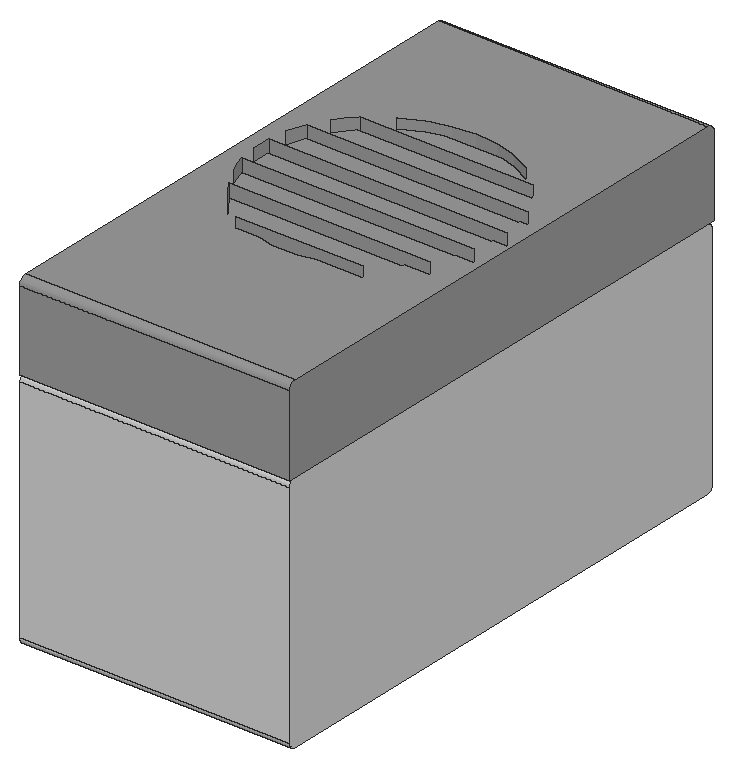
Revit family "Domotics-DomesticRanges-GEWISS-SYSTEM_SIGNALLING-BUZZER", category Apparecchi elettrici, host Superficie, Revit 2016
Family settings
  Host = Superficie
  Mantenere orientamento annotazione = Sì
  Tipo di parte = Normale
  Quota connettore circolare = Usa diametro
  Numero OmniClass = 23.80.50.11.14
  Titolo OmniClass = Switches
  Taglio con vuoti quando caricato = Sì
  Condiviso = Sì
  Punto di calcolo locali = Sì
Parameters (values of type "GW21620 - Buzzer 230V-50hz 8VA black")
  Voltage = "230 V - 50 Hz"
  Volt = 230 V
  Vista di pianta [instance] = yes
  Version file RFA = "19.4"
  URL = "https://www.gewiss.com/ww/en"
  Tipo = SYSTEM SEGNAL ACUSTICA_BASE : GW21620 - Nero - Ronzatore - 230V
  Technical sheet = "https://www.gewiss.com/ww/en/search?q=GW21620"
  Supply voltage = "230 V - 50 Hz"
  Sound intensity = "75 dB (at 1 m)"
  Simbolo = SIMBOLO SEGNAL ACUSTICA : RONZATORE
  SIMBOLO [instance] = yes
  SEO = "Buzzer"
  Realized by GEWISS S.p.A. = ""
  Produttore = "GEWISS S.p.A."
  Power input = "8VA"
  Offset pulsante [instance] = 0 mm
  Offset bidimensionale [instance] = 39 mm
  No. SYSTEM modules = "1"
  N. poli = 1
  Modello = "GW21620"
  Larghezza pulsante = 23 mm
  IFC.TypeObject = ""
  IFC.ExportType = ""
  IFC.ExportAs = ""
  IDT = "e742e08a-28ab-46fd-bce7-8d2241ef58ca"
  IDF = "9a98c68e-3d17-41c1-8a24-6a22314938d6"
  Electrocod = "0132"
  EAN code = "8011564129542"
  Distanza_x [instance] = 0 mm
  Distanza_effettiva_y [instance] = 100 mm
  Distanza_effettiva_x [instance] = 1500 mm - Distanza_x  # 1500 mm
  Distanza orizzontale simbolo [instance] = 231.658 mm
  Distanza dal muro [instance] = 4.208 mm
  Default Elevation = 1219.2 mm
  Immagine tipo = GW21620.jpg
  Descrizione = "BUZZER 230V-50HZ 8VA SY/BK"
  Description. = "Buzzer"
  Colour = "Black"
  Catalogue Range = "SYSTEM - DOMESTIC RANGE"
  Catalogue = "DOMOTICS"
  Carico apparente = 0 VA
  COBie.Tagnumber = ""
  COBie.CreatedOn = ""
  COBie.CreatebBy = ""
  COBie.ComponentRegisterItemID = ""
  COBie.Component.TagNumber = ""
  COBie.Component.Space = ""
  COBie.Component.SerialNumber = ""
  COBie.Component.InstallationDate = ""
  COBie.Component.Description = ""
  COBie.Component.BarCode = ""
  Bidimensionale = bidimensionale system segnal acustica : RONZATORE
Reference planes
  plane 1 "Centro (Fronte/Retro)": y = 0
  plane 2: z = 0
  plane 3 "Centro (Sinistra/Destra)": x = 0
  plane 4: z = 0
  plane 5 "piano bidimensionale": z = 39
  plane 6: x = -11.5
  plane 7: x = 11.5
  plane 8: z = 39
  plane 9: x = -1500
  plane 10: x = 0
  plane 11: y = 100
Lines and regions (mm)
  Masking region 1, visible <- "Vista di pianta"
    outline origin (0, 0, 0) x (1, 0, 0) y (0, 0, 1)
      loop
        line (-11.5, 39) -> (-11.5, 0) -> (11.5, 0) -> (11.5, 39) -> (-11.5, 39)
  Masking region 2, visible <- "Vista di pianta"
    outline origin (0, 0, 0) x (1, 0, 0) y (0, 1, 0)
      loop
        line (-11.5, 22.5) -> (-11.5, -22.5) -> (11.5, -22.5) -> (11.5, 22.5) -> (-11.5, 22.5)
      loop
        arc (10.335, -9.405) -> (10.204, -8.394) -> (9.963, -7.405) r 9.264
        line (9.963, -7.405) -> (-9.963, -7.405)
        arc (-9.963, -7.405) -> (-10.204, -8.394) -> (-10.335, -9.405) r 9.264
        line (-10.335, -9.405) -> (10.335, -9.405)
      loop
        arc (9.125, -5.405) -> (8.47, -4.362) -> (7.698, -3.405) r 10.405
        line (7.698, -3.405) -> (-7.698, -3.405)
        arc (-7.698, -3.405) -> (-8.47, -4.362) -> (-9.125, -5.405) r 10.405
        line (-9.125, -5.405) -> (9.125, -5.405)
      loop
        arc (5.221, -1.405) -> (0, 0) -> (-5.221, -1.405) r 10.405
        line (-5.221, -1.405) -> (5.221, -1.405)
      loop
        line (10.335, -11.405) -> (-10.335, -11.405)
        arc (-10.335, -11.405) -> (-10.204, -12.415) -> (-9.963, -13.405) r 9.264
        line (-9.963, -13.405) -> (9.963, -13.405)
        arc (9.963, -13.405) -> (10.204, -12.415) -> (10.335, -11.405) r 9.264
      loop
        line (9.125, -15.405) -> (-9.125, -15.405)
        arc (-9.125, -15.405) -> (-8.47, -16.447) -> (-7.698, -17.405) r 10.405
        line (-7.698, -17.405) -> (7.698, -17.405)
        arc (7.698, -17.405) -> (8.47, -16.447) -> (9.125, -15.405) r 10.405
      loop
        line (5.221, -19.405) -> (-5.221, -19.405)
        arc (-5.221, -19.405) -> (0, -20.809) -> (5.221, -19.405) r 10.405
  Masking region 3, visible <- "Vista di pianta"
    outline origin (0, 0, 0) x (0, 1, 0) y (0, 0, 1)
      loop
        line (-22.5, 36.414) -> (-22.5, 0) -> (22.5, 0) -> (22.5, 36.414) -> (-22.5, 36.414)
Dimensions and locks
  "Offset pulsante": plane 4 to host face
  equal spacing: plane 6, plane 3 "Centro (Sinistra/Destra)", plane 7
  "Larghezza pulsante": plane 6 to plane 7
  locked: plane 8 to plane 4 at 39
  plane 9 to plane 3 "Centro (Sinistra/Destra)" = 1500 mm
  "Distanza_effettiva_x": plane 9 to plane 10
  "Distanza_effettiva_y": plane 11 to plane 1 "Centro (Fronte/Retro)"
  "Offset bidimensionale": plane 5 "piano bidimensionale" to host face
  aligned and locked: plane 2 to host face
  aligned and locked: level to host face
  aligned and locked: plane 1 "Centro (Fronte/Retro)" to nested 1
  aligned and locked: nested 1 to plane 4
  aligned and locked: plane 8 to Masking region 1 sketch curve
  aligned and locked: plane 6 to Masking region 1 sketch curve
  aligned and locked: plane 4 to Masking region 1 sketch curve
  aligned and locked: Masking region 1 sketch curve to nested 1
  aligned and locked: plane 10 to nested 3
  aligned and locked: nested 3 to plane 11
  aligned and locked: Masking region 2 sketch curve to nested 1  (x3)
  aligned and locked: plane 6 to Masking region 2 sketch curve
  aligned and locked: Masking region 3 sketch curve to nested 1  (x3)
  aligned and locked: plane 4 to Masking region 3 sketch curve
Automatic sketch dimensions
  host sketch curve to host sketch curve = 2438.4 mm  (x2)
  Masking region 2 sketch curve to Masking region 2 sketch curve = 0 mm  (x27)
  Masking region 2 sketch curve to plane 3 "Centro (Sinistra/Destra)" = 0 mm
  plane 6 to Masking region 2 sketch curve = 1.165 mm  (x2)
  plane 6 to Masking region 2 sketch curve = 1.537 mm  (x2)
  Masking region 2 sketch curve to Masking region 2 sketch curve = 0.838 mm  (x2)
  Masking region 2 sketch curve to Masking region 2 sketch curve = 1.427 mm  (x2)
  plane 1 "Centro (Fronte/Retro)" to Masking region 2 sketch curve = 1.405 mm
  Masking region 2 sketch curve to Masking region 2 sketch curve = 2.477 mm  (x4)
  Masking region 2 sketch curve to plane 3 "Centro (Sinistra/Destra)" = 1.097 mm
  plane 3 "Centro (Sinistra/Destra)" to Masking region 2 sketch curve = 1.097 mm
  Masking region 2 sketch curve to plane 7 = 1.537 mm  (x2)
  Masking region 2 sketch curve to plane 7 = 1.165 mm  (x2)
  Masking region 2 sketch curve to Masking region 2 sketch curve = 3.095 mm
  Masking region 2 sketch curve to Masking region 2 sketch curve = 2 mm  (x6)
  Masking region 2 sketch curve to Masking region 2 sketch curve = 0.627 mm
Nested families
  nested 1: "SYSTEM SEGNAL ACUSTICA_BASE" at (0, 0, 0), type <- "Tipo", type "GW21620 - Nero - Ronzatore - 230V", detail levels medium+fine
  nested 2: "bidimensionale system segnal acustica" at (0, 0, 29), type <- "Bidimensionale", type "RONZATORE", detail levels coarse
  nested 3: "SIMBOLO SEGNAL ACUSTICA" at (0, 100, 0), Distanza dal muro <- "Distanza dal muro", type <- "Simbolo", SIMBOLO <- "SIMBOLO", visible <- "SIMBOLO", type "RONZATORE"
    with Distanza dal muro 4.208 mm, BORDO ACCESO yes
Connectors
  electrical at (0, 0, 0), driven by "N. poli", driven by "Volt", driven by "Carico apparente"
    settings: on nested 1, index 1, voltage 230 V, apparent load 0 VA, apparent load phase1 0 VA, apparent load phase2 0 VA, apparent load phase3 0 VA, power factor 1, load classification "Other", number of poles 1, system type 31, power factor state 1, is connector primary yes, connector utility no, sub classification motor no, connector description ""
Definition of nested family "SYSTEM SEGNAL ACUSTICA_BASE"
  Parameters (values of type "GW21620 - Nero - Ronzatore - 230V")
    Vetrino = none
    Supporto = none
    Struttura = none
    SUONERIA = no
    RONZATORE = yes
    Pulsante = none
    Profondità suporto = 15.673 mm
    Larghezza pulsante = 23 mm  # constant formula
    Bidimensionale = 36.414 mm
    Altezza pulsante = 45 mm
  Types (8, lengths in mm): name | SUONERIA | RONZATORE
    GW21613 - Nero - Suoneria - 12V | yes | no
    GW20613 - Bianco - Suoneria - 12V | yes | no
    GW20616 - Bianco - Suoneria - 230V | yes | no
    GW20617 - Bianco - Ronzatore - 12V | no | yes
    GW20620 - Bianco - Ronzatore - 230V | no | yes
    GW21616 - Nero - Suoneria - 230V | yes | no
    GW21617 - Nero - Ronzatore - 12V | no | yes
    GW21620 - Nero - Ronzatore - 230V | no | yes
  Reference planes
    plane 1 "Centro (Fronte/Retro)": y = 0
    plane 2: z = 0
    plane 3 "Centro (Sinistra/Destra)": x = 0
    plane 4: y = -22.5
    plane 5: y = 22.5
    plane 6: x = -11.5
    plane 7: x = 11.5
    plane 8 "PIANO BIDIMENSIONALE": z = 36.414
    plane 9: x = -9.5
    plane 10: x = 9.5
  Forms (mm)
    Extrusion 1, solid, material <- "Pulsante", not visible, detail levels medium+fine
      sketch origin (11.5, 0, 0) x (0, 1, 0) y (0, 0, 1)
        loop
          line (-22.5, 15.673) -> (-5.8, 15.673) -> (0, 20.313) -> (6.657, 17.02) -> (22.519, 20.482) -> (22.148, 22.183)
          arc (22.148, 22.183) -> (19.948, 25.458) -> (16.125, 26.433) r 5.53
          arc (16.125, 26.433) -> (-1.159, 25.53) -> (-18.194, 22.47) r 137.99
          arc (-18.194, 22.47) -> (-21.286, 20.607) -> (-22.5, 17.207) r 5.368
          line (-22.5, 17.207) -> (-22.5, 15.673)
      from -23 to 23
    Extrusion 2, void, not visible, detail levels medium+fine
      sketch origin (11.5, 0, 0) x (0, 1, 0) y (0, 0, 1)
        loop
          arc (-20, 19.947) -> (-16.844, 20.738) -> (-13.67, 21.455) r 135.99
          line (-13.67, 21.455) -> (-13.67, 23.499)
          arc (-13.67, 23.499) -> (-15.936, 23.003) -> (-18.194, 22.47) r 137.99
          arc (-18.194, 22.47) -> (-19.13, 22.19) -> (-20, 21.745) r 5.368
          line (-20, 21.745) -> (-20, 19.947)
      from 15.279 to 21.613
    Extrusion 3, solid, material <- "Pulsante", not visible, detail levels medium+fine
      sketch origin (0, -125, 0) x (0, 1, 0) y (0, 0, 1)
        loop
          line (-22.5, 15.673) -> (-5.8, 15.673) -> (0, 20.313) -> (6.657, 17.02) -> (22.519, 20.482) -> (22.148, 22.183)
          arc (22.148, 22.183) -> (19.948, 25.458) -> (16.125, 26.433) r 5.53
          arc (16.125, 26.433) -> (-1.159, 25.53) -> (-18.194, 22.47) r 137.99
          arc (-18.194, 22.47) -> (-21.286, 20.607) -> (-22.5, 17.207) r 5.368
          line (-22.5, 17.207) -> (-22.5, 15.673)
      from -23 to 23
    Extrusion 4, void, not visible
      sketch origin (0, -125, 0) x (0, 1, 0) y (0, 0, 1)
        loop
          arc (-6.8, 24.76) -> (-12.521, 23.735) -> (-18.194, 22.47) r 137.99
          arc (-18.194, 22.47) -> (-19.13, 22.19) -> (-20, 21.745) r 5.368
          line (-20, 21.745) -> (-20, 19.947)
          arc (-20, 19.947) -> (-13.435, 21.505) -> (-6.8, 22.735) r 135.99
          line (-6.8, 22.735) -> (-6.8, 24.76)
      from 16.9 to 19.6
    Extrusion 5, solid, material <- "Vetrino", not visible, detail levels medium+fine
      sketch origin (11.5, -125, 0) x (0, 1, 0) y (0, 0, 1)
        loop
          arc (-20, 19.947) -> (-13.435, 21.505) -> (-6.8, 22.735) r 135.99
          line (-6.8, 22.735) -> (-6.8, 23.748)
          arc (-6.8, 23.748) -> (-13.434, 22.527) -> (-20, 20.98) r 136.99
          line (-20, 20.98) -> (-20, 19.947)
      from 5.4 to 8.1
    Extrusion 6, solid, material <- "Struttura", detail levels medium+fine
      sketch origin (0, 0, 0) x (0, 1, 0) y (0, 0, 1)
        loop
          line (22.5, 0.5) -> (22.5, 20.092)
          arc (22.5, 20.092) -> (22.354, 20.446) -> (22, 20.592) r 0.5
          line (22, 20.592) -> (-22, 20.592)
          arc (-22, 20.592) -> (-22.354, 20.446) -> (-22.5, 20.092) r 0.5
          line (-22.5, 20.092) -> (-22.5, 0.5)
          arc (-22.5, 0.5) -> (-22.354, 0.146) -> (-22, 0) r 0.5
          line (-22, 0) -> (22, 0)
          arc (22, 0) -> (22.354, 0.146) -> (22.5, 0.5) r 0.5
      from -11.5 to 11.5
    Extrusion 7, solid, material <- "Pulsante", visible <- "RONZATORE", detail levels medium+fine
      sketch origin (0, 0, -5.384) x (0, 1, 0) y (0, 0, 1)
        loop
          line (-22.526, 32.849) -> (-22.526, 25.994) -> (22.692, 25.994) -> (22.692, 32.862)
          arc (22.692, 32.862) -> (22.515, 33.288) -> (22.089, 33.464) r 0.602
          arc (22.089, 33.464) -> (0.089, 34.464) -> (-21.911, 33.464) r 242.438
          arc (-21.911, 33.464) -> (-22.345, 33.284) -> (-22.526, 32.849) r 0.615
      from -11.5 to 11.5
    Extrusion 8, solid, material <- "Pulsante", not visible, detail levels medium+fine
      sketch origin (0, 3.352, 0.18) x (0, 0.99373, 0.11181) y (0, -0.11181, 0.99373)
        loop
          line (-22.5, 37.221) -> (-22.5, 28.721) -> (-3, 28.721) -> (-1.5, 27.721) -> (1.5, 27.721) -> (3, 28.721) -> (22.5, 28.721) -> (22.5, 37.221)
          arc (22.5, 37.221) -> (22.354, 37.575) -> (22, 37.721) r 0.5
          arc (22, 37.721) -> (0, 38.721) -> (-22, 37.721) r 242.438
          arc (-22, 37.721) -> (-22.354, 37.575) -> (-22.5, 37.221) r 0.5
      from -11.5 to 11.5
    Revolve 9, void, not visible
      sketch origin (0, 7.087, 0.872) x (0, 0.99373, 0.11181) y (0, -0.11181, 0.99373)
        loop
          line (-18.87, 36.988) -> (-18.92, 38.078) -> (-22.509, 37.915) -> (-21.741, 36.858) -> (-18.87, 36.988)
        axis (-18.92, 38.078) -> (-18.87, 36.988)
      angle from 0 to 360
    Revolve 10, void, not visible
      sketch origin (0, -0.724, -0.007) x (0, -0.99373, -0.11181) y (0, -0.11181, 0.99373)
        loop
          line (-18.886, 37.331) -> (-18.926, 38.2) -> (-22.595, 38.033) -> (-21.983, 37.19) -> (-18.886, 37.331)
        axis (-18.926, 38.2) -> (-18.88, 37.201)
      angle from 0 to 360
    Revolve 11, solid, not visible, detail levels medium+fine
      sketch origin (0, 3.21, 0.18) x (0, 0.99373, 0.11181) y (0, -0.11181, 0.99373)
        loop
          line (-14.94, 37.243) -> (-14.976, 38.037) -> (-18.371, 37.883) -> (-17.811, 37.112) -> (-14.94, 37.243)
        axis (-14.976, 38.037) -> (-14.931, 37.038)
      angle from 0 to 360
    Extrusion 12, void, detail levels medium+fine
      sketch origin (0.938, 0.33, 27.114) x (-1, 0, 0) y (0, -1, 0)
        loop
          line (5.479, -8.635) -> (-5.479, -8.635)
          arc (-5.479, -8.635) -> (0, -10.23) -> (5.479, -8.635) r 10.208
        loop
          arc (7.371, -7.079) -> (8.027, -6.321) -> (8.604, -5.501) r 10.187
          line (8.604, -5.501) -> (-8.604, -5.501)
          arc (-8.604, -5.501) -> (-8.027, -6.321) -> (-7.371, -7.079) r 10.187
          line (-7.371, -7.079) -> (7.371, -7.079)
        loop
          arc (9.42, -3.925) -> (9.704, -3.149) -> (9.923, -2.352) r 10.187
          line (9.923, -2.352) -> (-9.923, -2.352)
          arc (-9.923, -2.352) -> (-9.704, -3.149) -> (-9.42, -3.925) r 10.187
          line (-9.42, -3.925) -> (9.42, -3.925)
        loop
          arc (10.161, -0.783) -> (10.187, 0) -> (10.154, 0.782) r 10.187
          line (10.154, 0.782) -> (-10.154, 0.782)
          arc (-10.154, 0.782) -> (-10.187, 0) -> (-10.161, -0.783) r 10.187
          line (-10.161, -0.783) -> (10.161, -0.783)
        loop
          arc (9.903, 2.343) -> (9.679, 3.132) -> (9.391, 3.901) r 10.187
          line (9.391, 3.901) -> (-9.391, 3.901)
          arc (-9.391, 3.901) -> (-9.679, 3.132) -> (-9.903, 2.343) r 10.187
          line (-9.903, 2.343) -> (9.903, 2.343)
        loop
          arc (8.571, 5.459) -> (7.993, 6.269) -> (7.339, 7.018) r 10.187
          line (7.339, 7.018) -> (-7.339, 7.018)
          arc (-7.339, 7.018) -> (-7.993, 6.269) -> (-8.571, 5.459) r 10.187
          line (-8.571, 5.459) -> (8.571, 5.459)
        loop
          arc (5.421, 8.578) -> (0, 10.14) -> (-5.421, 8.578) r 10.187
          line (-5.421, 8.578) -> (5.421, 8.578)
      from 0 to 2.871
    Extrusion 13, solid, material <- "Pulsante", visible <- "SUONERIA", detail levels medium+fine
      sketch origin (0, 0, -5.384) x (0, 1, 0) y (0, 0, 1)
        loop
          line (-22.436, 32.939) -> (-22.436, 25.994) -> (22.564, 25.994) -> (22.564, 32.939)
          arc (22.564, 32.939) -> (22.417, 33.292) -> (22.064, 33.439) r 0.5
          arc (22.064, 33.439) -> (0.064, 34.439) -> (-21.936, 33.439) r 242.438
          arc (-21.936, 33.439) -> (-22.29, 33.292) -> (-22.436, 32.939) r 0.5
      from -11.5 to 11.5
    Extrusion 14, void, detail levels medium+fine
      sketch origin (0.938, 0.33, 27.114) x (-1, 0, 0) y (0, -1, 0)
        loop
          line (5.479, 0.74) -> (-5.479, 0.74)
          arc (-5.479, 0.74) -> (0, -0.855) -> (5.479, 0.74) r 10.208
        loop
          arc (7.371, 2.296) -> (8.027, 3.054) -> (8.604, 3.874) r 10.187
          line (8.604, 3.874) -> (-8.604, 3.874)
          arc (-8.604, 3.874) -> (-8.027, 3.054) -> (-7.371, 2.296) r 10.187
          line (-7.371, 2.296) -> (7.371, 2.296)
        loop
          arc (9.42, 5.45) -> (9.704, 6.226) -> (9.923, 7.023) r 10.187
          line (9.923, 7.023) -> (-9.923, 7.023)
          arc (-9.923, 7.023) -> (-9.704, 6.226) -> (-9.42, 5.45) r 10.187
          line (-9.42, 5.45) -> (9.42, 5.45)
        loop
          arc (10.161, 8.592) -> (10.187, 9.375) -> (10.154, 10.157) r 10.187
          line (10.154, 10.157) -> (-10.154, 10.157)
          arc (-10.154, 10.157) -> (-10.187, 9.375) -> (-10.161, 8.592) r 10.187
          line (-10.161, 8.592) -> (10.161, 8.592)
        loop
          arc (9.903, 11.718) -> (9.679, 12.507) -> (9.391, 13.276) r 10.187
          line (9.391, 13.276) -> (-9.391, 13.276)
          arc (-9.391, 13.276) -> (-9.679, 12.507) -> (-9.903, 11.718) r 10.187
          line (-9.903, 11.718) -> (9.903, 11.718)
        loop
          arc (8.571, 14.834) -> (7.993, 15.644) -> (7.339, 16.393) r 10.187
          line (7.339, 16.393) -> (-7.339, 16.393)
          arc (-7.339, 16.393) -> (-7.993, 15.644) -> (-8.571, 14.834) r 10.187
          line (-8.571, 14.834) -> (8.571, 14.834)
        loop
          arc (5.421, 17.953) -> (0, 19.515) -> (-5.421, 17.953) r 10.187
          line (-5.421, 17.953) -> (5.421, 17.953)
      from 0 to 2.871
  Cuts and joins
    Extrusion 12 cuts Extrusion 7
    Extrusion 14 cuts Extrusion 13
  Lines and regions (mm)
    Masking region 1, not visible
      outline origin (40.306, 0, 36.414) x (-1, 0, 0) y (0, -1, 0)
        loop
          line (63.306, -22.5) -> (63.306, 22.5) -> (17.306, 22.5) -> (17.306, -22.5) -> (63.306, -22.5)
        loop
          line (23.406, 6.8) -> (23.406, 20) -> (20.706, 20) -> (20.706, 6.8) -> (23.406, 6.8)
    Masking region 2, not visible
      outline origin (40.306, 0, 36.414) x (-1, 0, 0) y (0, -1, 0)
        loop
          line (23.406, 6.8) -> (23.406, 20) -> (20.706, 20) -> (20.706, 6.8) -> (23.406, 6.8)
    Masking region 3, not visible
      outline origin (0, 0, 36.414) x (-1, 0, 0) y (0, -1, 0)
        loop
          line (63.306, -22.5) -> (63.306, 22.5) -> (17.306, 22.5) -> (17.306, -22.5) -> (63.306, -22.5)
        loop
          line (25.028, 13.67) -> (25.028, 20) -> (18.693, 20) -> (18.693, 13.67) -> (25.028, 13.67)
    Masking region 4, not visible
      outline origin (11.5, 0, 36.414) x (-1, 0, 0) y (0, -1, 0)
        loop
          line (36.528, 13.67) -> (36.528, 20.004) -> (30.193, 20.004) -> (30.193, 13.67) -> (36.528, 13.67)
    Masking region 5, visible <- "RONZATORE"
      outline origin (0, 0, 36.414) x (-1, 0, 0) y (0, -1, 0)
        loop
          line (11.5, -22.5) -> (11.5, 22.5) -> (-11.5, 22.5) -> (-11.5, -22.5) -> (11.5, -22.5)
        loop
          line (5.479, -8.635) -> (-5.479, -8.635)
          spline (-5.479, -8.635) -> (-4.642, -9.113) -> (-3.765, -9.51) -> (-2.853, -9.823) -> (-1.916, -10.048) -> (-0.962, -10.184) -> (0, -10.23) -> (0.962, -10.184) -> (1.916, -10.048) -> (2.853, -9.823) -> (3.765, -9.51) -> (4.642, -9.113) -> (5.479, -8.635)
        loop
          arc (7.371, -7.079) -> (8.027, -6.321) -> (8.604, -5.501) r 10.187
          line (8.604, -5.501) -> (-8.604, -5.501)
          arc (-8.604, -5.501) -> (-8.027, -6.321) -> (-7.371, -7.079) r 10.187
          line (-7.371, -7.079) -> (7.371, -7.079)
        loop
          arc (9.42, -3.925) -> (9.704, -3.149) -> (9.923, -2.352) r 10.187
          line (9.923, -2.352) -> (-9.923, -2.352)
          arc (-9.923, -2.352) -> (-9.704, -3.149) -> (-9.42, -3.925) r 10.187
          line (-9.42, -3.925) -> (9.42, -3.925)
        loop
          arc (10.161, -0.783) -> (10.187, 0) -> (10.154, 0.782) r 10.187
          line (10.154, 0.782) -> (-10.154, 0.782)
          arc (-10.154, 0.782) -> (-10.187, 0) -> (-10.161, -0.783) r 10.187
          line (-10.161, -0.783) -> (10.161, -0.783)
        loop
          arc (9.903, 2.343) -> (9.679, 3.132) -> (9.391, 3.901) r 10.187
          line (9.391, 3.901) -> (-9.391, 3.901)
          arc (-9.391, 3.901) -> (-9.679, 3.132) -> (-9.903, 2.343) r 10.187
          line (-9.903, 2.343) -> (9.903, 2.343)
        loop
          arc (8.571, 5.459) -> (7.993, 6.269) -> (7.339, 7.018) r 10.187
          line (7.339, 7.018) -> (-7.339, 7.018)
          arc (-7.339, 7.018) -> (-7.993, 6.269) -> (-8.571, 5.459) r 10.187
          line (-8.571, 5.459) -> (8.571, 5.459)
        loop
          spline (5.421, 8.578) -> (4.592, 9.047) -> (3.723, 9.436) -> (2.821, 9.742) -> (1.894, 9.963) -> (0.951, 10.096) -> (0, 10.14) -> (-0.951, 10.096) -> (-1.894, 9.963) -> (-2.821, 9.742) -> (-3.723, 9.436) -> (-4.592, 9.047) -> (-5.421, 8.578)
          line (-5.421, 8.578) -> (5.421, 8.578)
    Masking region 6, visible <- "RONZATORE"
      outline origin (0, 0, 36.414) x (-1, 0, 0) y (0, -1, 0)
        loop
          line (5.479, -8.635) -> (-5.479, -8.635)
          arc (-5.479, -8.635) -> (0, -10.23) -> (5.479, -8.635) r 10.207
        loop
          arc (7.371, -7.079) -> (8.027, -6.321) -> (8.604, -5.501) r 10.187
          line (8.604, -5.501) -> (-8.604, -5.501)
          arc (-8.604, -5.501) -> (-8.027, -6.321) -> (-7.371, -7.079) r 10.187
          line (-7.371, -7.079) -> (7.371, -7.079)
        loop
          arc (9.42, -3.925) -> (9.704, -3.149) -> (9.923, -2.352) r 10.187
          line (9.923, -2.352) -> (-9.923, -2.352)
          arc (-9.923, -2.352) -> (-9.704, -3.149) -> (-9.42, -3.925) r 10.187
          line (-9.42, -3.925) -> (9.42, -3.925)
        loop
          arc (10.161, -0.783) -> (10.187, 0) -> (10.154, 0.782) r 10.187
          line (10.154, 0.782) -> (-10.154, 0.782)
          arc (-10.154, 0.782) -> (-10.187, 0) -> (-10.161, -0.783) r 10.187
          line (-10.161, -0.783) -> (10.161, -0.783)
        loop
          arc (9.903, 2.343) -> (9.679, 3.132) -> (9.391, 3.901) r 10.187
          line (9.391, 3.901) -> (-9.391, 3.901)
          arc (-9.391, 3.901) -> (-9.679, 3.132) -> (-9.903, 2.343) r 10.187
          line (-9.903, 2.343) -> (9.903, 2.343)
        loop
          arc (8.571, 5.459) -> (7.993, 6.269) -> (7.339, 7.018) r 10.187
          line (7.339, 7.018) -> (-7.339, 7.018)
          arc (-7.339, 7.018) -> (-7.993, 6.269) -> (-8.571, 5.459) r 10.187
          line (-8.571, 5.459) -> (8.571, 5.459)
        loop
          line (-5.421, 8.578) -> (5.421, 8.578)
          arc (5.421, 8.578) -> (0, 10.14) -> (-5.421, 8.578) r 10.186
    Masking region 7, visible <- "SUONERIA"
      outline origin (0, 0, 36.414) x (-1, 0, 0) y (0, -1, 0)
        loop
          line (11.5, -22.5) -> (11.5, 22.5) -> (-11.5, 22.5) -> (-11.5, -22.5) -> (11.5, -22.5)
        loop
          line (5.479, 0.74) -> (-5.479, 0.74)
          spline (-5.479, 0.74) -> (-4.642, 0.262) -> (-3.765, -0.135) -> (-2.853, -0.448) -> (-1.916, -0.673) -> (-0.962, -0.809) -> (0, -0.855) -> (0.962, -0.809) -> (1.916, -0.673) -> (2.853, -0.448) -> (3.765, -0.135) -> (4.642, 0.262) -> (5.479, 0.74)
        loop
          arc (7.371, 2.296) -> (8.027, 3.054) -> (8.604, 3.874) r 10.187
          line (8.604, 3.874) -> (-8.604, 3.874)
          arc (-8.604, 3.874) -> (-8.027, 3.054) -> (-7.371, 2.296) r 10.187
          line (-7.371, 2.296) -> (7.371, 2.296)
        loop
          arc (9.42, 5.45) -> (9.704, 6.226) -> (9.923, 7.023) r 10.187
          line (9.923, 7.023) -> (-9.923, 7.023)
          arc (-9.923, 7.023) -> (-9.704, 6.226) -> (-9.42, 5.45) r 10.187
          line (-9.42, 5.45) -> (9.42, 5.45)
        loop
          arc (10.161, 8.592) -> (10.187, 9.375) -> (10.154, 10.157) r 10.187
          line (10.154, 10.157) -> (-10.154, 10.157)
          arc (-10.154, 10.157) -> (-10.187, 9.375) -> (-10.161, 8.592) r 10.187
          line (-10.161, 8.592) -> (10.161, 8.592)
        loop
          arc (9.903, 11.718) -> (9.679, 12.507) -> (9.391, 13.276) r 10.187
          line (9.391, 13.276) -> (-9.391, 13.276)
          arc (-9.391, 13.276) -> (-9.679, 12.507) -> (-9.903, 11.718) r 10.187
          line (-9.903, 11.718) -> (9.903, 11.718)
        loop
          arc (8.571, 14.834) -> (7.993, 15.644) -> (7.339, 16.393) r 10.187
          line (7.339, 16.393) -> (-7.339, 16.393)
          arc (-7.339, 16.393) -> (-7.993, 15.644) -> (-8.571, 14.834) r 10.187
          line (-8.571, 14.834) -> (8.571, 14.834)
        loop
          spline (5.421, 17.953) -> (4.592, 18.422) -> (3.723, 18.811) -> (2.821, 19.117) -> (1.894, 19.338) -> (0.951, 19.471) -> (0, 19.515) -> (-0.951, 19.471) -> (-1.894, 19.338) -> (-2.821, 19.117) -> (-3.723, 18.811) -> (-4.592, 18.422) -> (-5.421, 17.953)
          line (-5.421, 17.953) -> (5.421, 17.953)
    Masking region 8, visible <- "SUONERIA"
      outline origin (0, 0, 36.414) x (-1, 0, 0) y (0, -1, 0)
        loop
          line (5.479, 0.74) -> (-5.479, 0.74)
          arc (-5.479, 0.74) -> (0, -0.855) -> (5.479, 0.74) r 10.207
        loop
          arc (7.371, 2.296) -> (8.027, 3.054) -> (8.604, 3.874) r 10.187
          line (8.604, 3.874) -> (-8.604, 3.874)
          arc (-8.604, 3.874) -> (-8.027, 3.054) -> (-7.371, 2.296) r 10.187
          line (-7.371, 2.296) -> (7.371, 2.296)
        loop
          arc (9.42, 5.45) -> (9.704, 6.226) -> (9.923, 7.023) r 10.187
          line (9.923, 7.023) -> (-9.923, 7.023)
          arc (-9.923, 7.023) -> (-9.704, 6.226) -> (-9.42, 5.45) r 10.187
          line (-9.42, 5.45) -> (9.42, 5.45)
        loop
          arc (10.161, 8.592) -> (10.187, 9.375) -> (10.154, 10.157) r 10.187
          line (10.154, 10.157) -> (-10.154, 10.157)
          arc (-10.154, 10.157) -> (-10.187, 9.375) -> (-10.161, 8.592) r 10.187
          line (-10.161, 8.592) -> (10.161, 8.592)
        loop
          arc (9.903, 11.718) -> (9.679, 12.507) -> (9.391, 13.276) r 10.187
          line (9.391, 13.276) -> (-9.391, 13.276)
          arc (-9.391, 13.276) -> (-9.679, 12.507) -> (-9.903, 11.718) r 10.187
          line (-9.903, 11.718) -> (9.903, 11.718)
        loop
          arc (8.571, 14.834) -> (7.993, 15.644) -> (7.339, 16.393) r 10.187
          line (7.339, 16.393) -> (-7.339, 16.393)
          arc (-7.339, 16.393) -> (-7.993, 15.644) -> (-8.571, 14.834) r 10.187
          line (-8.571, 14.834) -> (8.571, 14.834)
        loop
          line (-5.421, 17.953) -> (5.421, 17.953)
          arc (5.421, 17.953) -> (0, 19.515) -> (-5.421, 17.953) r 10.186
  Dimensions and locks
    equal spacing: plane 4, plane 1 "Centro (Fronte/Retro)", plane 5
    plane 4 to plane 5 = 45 mm
    equal spacing: plane 6, plane 3 "Centro (Sinistra/Destra)", plane 7
    "Larghezza pulsante": plane 6 to plane 7
    equal spacing: plane 5, plane 1 "Centro (Fronte/Retro)", plane 4
    "Altezza pulsante": plane 5 to plane 4
    "Bidimensionale": plane 8 "PIANO BIDIMENSIONALE" to level
    equal spacing: plane 9, plane 3 "Centro (Sinistra/Destra)", plane 10
    plane 6 to plane 9 = 2 mm
    plane 10 to plane 7 = 2 mm
    aligned and locked: level to plane 2
    aligned and locked: Masking region 3 to Masking region 4
    aligned and locked: Masking region 2 to Masking region 1  (x2)
    aligned and locked: Extrusion 7 to Extrusion 6
    aligned and locked: Extrusion 6 to Extrusion 7
    aligned and locked: Extrusion 7 to plane 6
    aligned and locked: plane 7 to Extrusion 7
    aligned and locked: Masking region 5 sketch curve to Extrusion 6  (x4)
  Automatic sketch dimensions
    Masking region 1 sketch curve to Masking region 1 sketch curve = 3.4 mm
    Masking region 1 sketch curve to Masking region 1 sketch curve = 2.7 mm
    Masking region 2 sketch curve to Masking region 2 sketch curve = 2.7 mm
    Masking region 1 sketch curve to Masking region 1 sketch curve = 46 mm
    Masking region 1 sketch curve to Masking region 1 sketch curve = 29.3 mm
    Masking region 1 sketch curve to Masking region 1 sketch curve = 13.2 mm
    Masking region 1 sketch curve to Masking region 1 sketch curve = 2.5 mm
    Masking region 2 sketch curve to Masking region 2 sketch curve = 13.2 mm
    Masking region 3 sketch curve to Masking region 3 sketch curve = 1.387 mm
    Masking region 3 sketch curve to Masking region 3 sketch curve = 6.335 mm
    Masking region 3 sketch curve to Masking region 3 sketch curve = 46 mm
    Masking region 4 sketch curve to Masking region 4 sketch curve = 6.335 mm  (x2)
    Masking region 3 sketch curve to Masking region 3 sketch curve = 36.17 mm
    Masking region 3 sketch curve to Masking region 3 sketch curve = 6.33 mm
    Masking region 3 sketch curve to Masking region 3 sketch curve = 2.5 mm
    Extrusion 1 sketch curve to Extrusion 1 sketch curve = 1.243 mm
    Extrusion 2 sketch curve to Extrusion 2 sketch curve = 1.754 mm
    Extrusion 2 sketch curve to Extrusion 2 sketch curve = 0 mm  (x4)
    Extrusion 1 sketch curve to Extrusion 1 sketch curve = 5.368 mm
    Extrusion 1 sketch curve to Extrusion 1 sketch curve = 11.331 mm
    Extrusion 1 sketch curve to Extrusion 1 sketch curve = 5.8 mm
    Extrusion 1 sketch curve to Extrusion 1 sketch curve = 6.657 mm
    Extrusion 1 sketch curve to Extrusion 1 sketch curve = 8.016 mm
    Extrusion 1 sketch curve to Extrusion 1 sketch curve = 10.103 mm
    Extrusion 1 sketch curve to Extrusion 1 sketch curve = 5.388 mm
    Extrusion 1 sketch curve to Extrusion 1 sketch curve = 0.371 mm
    Extrusion 1 sketch curve to Extrusion 1 sketch curve = 127.222 mm
    Extrusion 1 sketch curve to Extrusion 1 sketch curve = 1.347 mm
    Extrusion 1 sketch curve to Extrusion 1 sketch curve = 1.535 mm
    Extrusion 1 sketch curve to Extrusion 1 sketch curve = 3.293 mm
    Extrusion 1 sketch curve to Extrusion 1 sketch curve = 3.462 mm
    Extrusion 1 sketch curve to Extrusion 1 sketch curve = 1.062 mm
    Extrusion 2 sketch curve to Extrusion 2 sketch curve = 2.868 mm
    Extrusion 2 sketch curve to Extrusion 2 sketch curve = 6.33 mm
    Extrusion 2 sketch curve to Extrusion 2 sketch curve = 31.805 mm
    Extrusion 2 sketch curve to Extrusion 2 sketch curve = 128.756 mm
    Extrusion 2 sketch curve to Extrusion 2 sketch curve = 2.739 mm
    Extrusion 2 sketch curve to Extrusion 2 sketch curve = 1.799 mm
    Extrusion 3 sketch curve to Extrusion 3 sketch curve = 1.243 mm
    Extrusion 5 sketch curve to Extrusion 5 sketch curve = 1.013 mm
    Extrusion 5 sketch curve to Extrusion 5 sketch curve = 0 mm  (x4)
    Extrusion 3 sketch curve to Extrusion 3 sketch curve = 5.368 mm
    Extrusion 3 sketch curve to Extrusion 3 sketch curve = 11.331 mm
    Extrusion 3 sketch curve to Extrusion 3 sketch curve = 5.8 mm
    Extrusion 3 sketch curve to Extrusion 3 sketch curve = 6.657 mm
    Extrusion 3 sketch curve to Extrusion 3 sketch curve = 8.016 mm
    Extrusion 3 sketch curve to Extrusion 3 sketch curve = 10.103 mm
    Extrusion 3 sketch curve to Extrusion 3 sketch curve = 5.388 mm
    Extrusion 3 sketch curve to Extrusion 3 sketch curve = 0.371 mm
    Extrusion 3 sketch curve to Extrusion 3 sketch curve = 127.222 mm
    Extrusion 3 sketch curve to Extrusion 3 sketch curve = 1.347 mm
    Extrusion 3 sketch curve to Extrusion 3 sketch curve = 1.535 mm
    Extrusion 3 sketch curve to Extrusion 3 sketch curve = 3.293 mm
    Extrusion 3 sketch curve to Extrusion 3 sketch curve = 3.462 mm
    Extrusion 3 sketch curve to Extrusion 3 sketch curve = 1.062 mm
    Extrusion 5 sketch curve to Extrusion 5 sketch curve = 13.2 mm
    Extrusion 5 sketch curve to Extrusion 5 sketch curve = 34.673 mm
    Extrusion 5 sketch curve to Extrusion 5 sketch curve = 131.496 mm
    Extrusion 4 sketch curve to Extrusion 4 sketch curve = 0 mm  (x4)
    Extrusion 4 sketch curve to Extrusion 4 sketch curve = 2.739 mm
    Extrusion 4 sketch curve to Extrusion 4 sketch curve = 1.799 mm
    Extrusion 4 sketch curve to Extrusion 4 sketch curve = 2.025 mm
    Extrusion 4 sketch curve to Extrusion 4 sketch curve = 2.868 mm
    Extrusion 4 sketch curve to Extrusion 4 sketch curve = 10.332 mm
    Extrusion 4 sketch curve to Extrusion 4 sketch curve = 31.805 mm
    Extrusion 4 sketch curve to Extrusion 4 sketch curve = 128.756 mm
    Extrusion 8 sketch curve to Extrusion 8 sketch curve = 1.5 mm  (x3)
    Revolve 10 sketch curve to Revolve 10 sketch curve = 0.612 mm
    Revolve 10 sketch curve to Revolve 10 sketch curve = 3.057 mm
    Revolve 10 sketch curve to Revolve 10 sketch curve = 0.015 mm
    Revolve 10 sketch curve to Revolve 10 sketch curve = 0.021 mm
    Revolve 11 sketch curve to Revolve 11 sketch curve = 0.56 mm
    Revolve 11 sketch curve to Revolve 11 sketch curve = 2.835 mm
    Revolve 11 sketch curve to Revolve 11 sketch curve = 0.038 mm
    Revolve 11 sketch curve to Revolve 11 sketch curve = 0.006 mm
    Extrusion 8 sketch curve to Extrusion 8 sketch curve = 0.5 mm  (x2)
    Extrusion 8 sketch curve to Extrusion 8 sketch curve = 19.5 mm
    Extrusion 8 sketch curve to Extrusion 8 sketch curve = 3 mm
    Extrusion 8 sketch curve to Extrusion 8 sketch curve = 19 mm
    Extrusion 8 sketch curve to Extrusion 8 sketch curve = 231.438 mm
    Extrusion 8 sketch curve to Extrusion 8 sketch curve = 1 mm  (x2)
    Extrusion 8 sketch curve to Extrusion 8 sketch curve = 8.5 mm
    Revolve 10 sketch curve to Revolve 10 sketch curve = 0.024 mm
    Revolve 10 sketch curve to Revolve 10 sketch curve = 0.141 mm
    Revolve 10 sketch curve to Revolve 10 sketch curve = 0.469 mm
    Revolve 10 sketch curve to Revolve 10 sketch curve = 0.339 mm
    Revolve 11 sketch curve to Revolve 11 sketch curve = 0.036 mm
    Revolve 11 sketch curve to Revolve 11 sketch curve = 0.131 mm
    Revolve 11 sketch curve to Revolve 11 sketch curve = 0.126 mm
    Revolve 11 sketch curve to Revolve 11 sketch curve = 0.825 mm
    Revolve 9 sketch curve to Revolve 9 sketch curve = 0.768 mm
    Revolve 9 sketch curve to Revolve 9 sketch curve = 2.821 mm
    Revolve 9 sketch curve to Revolve 9 sketch curve = 0.05 mm
    Revolve 9 sketch curve to Revolve 9 sketch curve = 0.926 mm
    Revolve 9 sketch curve to Revolve 9 sketch curve = 0.024 mm
    Revolve 9 sketch curve to Revolve 9 sketch curve = 0.006 mm
    Revolve 9 sketch curve to Revolve 9 sketch curve = 0.126 mm
    Revolve 9 sketch curve to Revolve 9 sketch curve = 0.53 mm
    Extrusion 6 sketch curve to plane 4 = 0 mm
    Extrusion 6 sketch curve to level = 0 mm
    Extrusion 6 sketch curve to plane 5 = 0 mm
    level to Extrusion 6 sketch curve = 0.5 mm
    plane 4 to Extrusion 6 sketch curve = 0.5 mm
    Extrusion 6 sketch curve to Extrusion 6 sketch curve = 0.5 mm  (x2)
    Extrusion 6 sketch curve to plane 8 "PIANO BIDIMENSIONALE" = 16.322 mm
    Extrusion 12 sketch curve to plane 1 "Centro (Fronte/Retro)" = 0.377 mm
    plane 3 "Centro (Sinistra/Destra)" to Extrusion 12 sketch curve = 0.938 mm
    Extrusion 12 sketch curve to Extrusion 12 sketch curve = 1.233 mm
    Extrusion 12 sketch curve to Extrusion 12 sketch curve = 0.512 mm
    Extrusion 12 sketch curve to Extrusion 12 sketch curve = 0.82 mm  (x2)
    Extrusion 12 sketch curve to Extrusion 12 sketch curve = 1.232 mm  (x2)
    Extrusion 12 sketch curve to Extrusion 12 sketch curve = 0 mm  (x21)
    Extrusion 12 sketch curve to Extrusion 12 sketch curve = 0.026 mm
    Extrusion 12 sketch curve to Extrusion 12 sketch curve = 1.556 mm
    Extrusion 12 sketch curve to Extrusion 12 sketch curve = 1.892 mm
    Extrusion 12 sketch curve to Extrusion 12 sketch curve = 0.816 mm  (x2)
    Extrusion 12 sketch curve to Extrusion 12 sketch curve = 0.25 mm  (x2)
    Extrusion 12 sketch curve to Extrusion 12 sketch curve = 0.238 mm  (x2)
    Extrusion 12 sketch curve to Extrusion 12 sketch curve = 1.919 mm
    Extrusion 12 sketch curve to Extrusion 12 sketch curve = 1.56 mm
    Extrusion 12 sketch curve to Extrusion 12 sketch curve = 1.558 mm
    Extrusion 12 sketch curve to Extrusion 12 sketch curve = 6.296 mm
    Extrusion 12 sketch curve to plane 1 "Centro (Fronte/Retro)" = 1.113 mm
    Extrusion 12 sketch curve to Extrusion 12 sketch curve = 1.561 mm
    plane 1 "Centro (Fronte/Retro)" to Extrusion 12 sketch curve = 0.451 mm
    Extrusion 12 sketch curve to Extrusion 12 sketch curve = 0.007 mm
    Extrusion 12 sketch curve to Extrusion 12 sketch curve = 0.503 mm
    Extrusion 12 sketch curve to Extrusion 12 sketch curve = 1.576 mm
    Masking region 5 sketch curve to plane 3 "Centro (Sinistra/Destra)" = 0 mm  (x3)
    plane 3 "Centro (Sinistra/Destra)" to Masking region 5 sketch curve = 5.479 mm
    Masking region 5 sketch curve to plane 1 "Centro (Fronte/Retro)" = 8.635 mm
    Masking region 5 sketch curve to plane 1 "Centro (Fronte/Retro)" = 0.034 mm  (x2)
    plane 6 to Masking region 5 sketch curve = 1.298 mm
    Masking region 5 sketch curve to Masking region 5 sketch curve = 0 mm  (x18)
    Masking region 5 sketch curve to plane 7 = 2.896 mm
    Masking region 5 sketch curve to Masking region 5 sketch curve = 1.233 mm
    Masking region 5 sketch curve to Masking region 5 sketch curve = 1.892 mm
    Masking region 5 sketch curve to Masking region 5 sketch curve = 1.556 mm
    Masking region 5 sketch curve to Masking region 5 sketch curve = 1.578 mm
    Masking region 5 sketch curve to plane 7 = 1.577 mm
    Masking region 5 sketch curve to Masking region 5 sketch curve = 0.503 mm
    Masking region 5 sketch curve to Masking region 5 sketch curve = 0.816 mm
    Masking region 5 sketch curve to Masking region 5 sketch curve = 1.576 mm
    Masking region 5 sketch curve to plane 7 = 1.339 mm
    plane 1 "Centro (Fronte/Retro)" to Masking region 5 sketch curve = 0.782 mm
    Masking region 5 sketch curve to Masking region 5 sketch curve = 0.007 mm
    Masking region 5 sketch curve to Masking region 5 sketch curve = 0.049 mm
    Masking region 5 sketch curve to Masking region 5 sketch curve = 0.25 mm
    Masking region 5 sketch curve to Masking region 5 sketch curve = 0.512 mm
    plane 6 to Masking region 5 sketch curve = 2.109 mm
    Masking region 5 sketch curve to Masking region 5 sketch curve = 1.561 mm
    Masking region 5 sketch curve to Masking region 5 sketch curve = 0.82 mm
    Masking region 5 sketch curve to Masking region 5 sketch curve = 1.232 mm
    Masking region 5 sketch curve to Masking region 5 sketch curve = 2.052 mm
    Masking region 5 sketch curve to Masking region 5 sketch curve = 1.558 mm
    Masking region 5 sketch curve to Masking region 5 sketch curve = 1.919 mm
    Masking region 5 sketch curve to Masking region 5 sketch curve = 1.56 mm
    Masking region 5 sketch curve to Masking region 5 sketch curve = 0.02 mm
    Masking region 6 sketch curve to plane 3 "Centro (Sinistra/Destra)" = 0 mm  (x3)
    plane 3 "Centro (Sinistra/Destra)" to Masking region 6 sketch curve = 5.479 mm
    Masking region 6 sketch curve to plane 1 "Centro (Fronte/Retro)" = 8.635 mm
    Masking region 6 sketch curve to plane 1 "Centro (Fronte/Retro)" = 0.022 mm
    Masking region 6 sketch curve to Masking region 6 sketch curve = 0 mm  (x18)
    Masking region 6 sketch curve to Masking region 6 sketch curve = 1.892 mm  (x2)
    Masking region 6 sketch curve to Masking region 6 sketch curve = 1.233 mm
    Masking region 6 sketch curve to Masking region 6 sketch curve = 1.556 mm
    Masking region 6 sketch curve to Masking region 6 sketch curve = 1.578 mm
    Masking region 6 sketch curve to Masking region 6 sketch curve = 0.816 mm  (x2)
    Masking region 6 sketch curve to plane 7 = 1.577 mm
    Masking region 6 sketch curve to Masking region 6 sketch curve = 1.576 mm
    Masking region 6 sketch curve to plane 7 = 1.346 mm
    Masking region 6 sketch curve to plane 1 "Centro (Fronte/Retro)" = 0.783 mm
    Masking region 6 sketch curve to Masking region 6 sketch curve = 0.007 mm
    plane 6 to Masking region 6 sketch curve = 1.346 mm
    Masking region 6 sketch curve to Masking region 6 sketch curve = 0.25 mm
    Masking region 6 sketch curve to Masking region 6 sketch curve = 0.512 mm
    plane 6 to Masking region 6 sketch curve = 2.109 mm
    Masking region 6 sketch curve to Masking region 6 sketch curve = 1.561 mm
    Masking region 6 sketch curve to Masking region 6 sketch curve = 0.82 mm
    Masking region 6 sketch curve to Masking region 6 sketch curve = 1.232 mm
    Masking region 6 sketch curve to Masking region 6 sketch curve = 2.052 mm
    Masking region 6 sketch curve to Masking region 6 sketch curve = 1.558 mm
    Masking region 6 sketch curve to Masking region 6 sketch curve = 1.919 mm
    Masking region 6 sketch curve to Masking region 6 sketch curve = 0.001 mm
    Masking region 6 sketch curve to Masking region 6 sketch curve = 1.56 mm
    Masking region 7 sketch curve to Masking region 7 sketch curve = 0 mm  (x90)
    Masking region 7 sketch curve to plane 5 = 0 mm
    Masking region 7 sketch curve to plane 7 = 0 mm
    Masking region 7 sketch curve to plane 3 "Centro (Sinistra/Destra)" = 0 mm  (x3)
    Masking region 7 sketch curve to plane 6 = 0 mm
    Masking region 7 sketch curve to plane 4 = 0 mm
    plane 1 "Centro (Fronte/Retro)" to Masking region 7 sketch curve = 8.592 mm
    Masking region 7 sketch curve to plane 7 = 1.339 mm
    plane 1 "Centro (Fronte/Retro)" to Masking region 7 sketch curve = 10.157 mm
    Masking region 7 sketch curve to Masking region 7 sketch curve = 0.007 mm
    Masking region 7 sketch curve to plane 7 = 1.577 mm
    Masking region 7 sketch curve to Masking region 7 sketch curve = 0.25 mm
    Masking region 7 sketch curve to Masking region 7 sketch curve = 0.503 mm
    Masking region 7 sketch curve to Masking region 7 sketch curve = 0.512 mm
    Masking region 7 sketch curve to Masking region 7 sketch curve = 0.816 mm  (x2)
    Masking region 7 sketch curve to Masking region 7 sketch curve = 0.82 mm  (x2)
    Masking region 7 sketch curve to Masking region 7 sketch curve = 1.233 mm
    Masking region 7 sketch curve to Masking region 7 sketch curve = 1.232 mm
    Masking region 7 sketch curve to Masking region 7 sketch curve = 1.892 mm  (x2)
    Masking region 7 sketch curve to Masking region 7 sketch curve = 1.919 mm  (x2)
    plane 6 to Masking region 7 sketch curve = 1.346 mm
    plane 1 "Centro (Fronte/Retro)" to Masking region 7 sketch curve = 0.74 mm
    Masking region 7 sketch curve to Masking region 7 sketch curve = 1.556 mm
    Masking region 7 sketch curve to Masking region 7 sketch curve = 1.576 mm
    Masking region 7 sketch curve to Masking region 7 sketch curve = 1.561 mm
    Masking region 7 sketch curve to Masking region 7 sketch curve = 1.558 mm
    Masking region 7 sketch curve to Masking region 7 sketch curve = 1.56 mm
    plane 1 "Centro (Fronte/Retro)" to Masking region 7 sketch curve = 9.341 mm  (x2)
    Masking region 7 sketch curve to Masking region 7 sketch curve = 0.02 mm
    Masking region 7 sketch curve to Masking region 7 sketch curve = 0.041 mm
    Masking region 8 sketch curve to Masking region 8 sketch curve = 0 mm  (x90)
    Masking region 8 sketch curve to plane 3 "Centro (Sinistra/Destra)" = 0 mm  (x3)
    plane 3 "Centro (Sinistra/Destra)" to Masking region 8 sketch curve = 5.421 mm
    plane 3 "Centro (Sinistra/Destra)" to Masking region 8 sketch curve = 5.479 mm
    Masking region 8 sketch curve to Masking region 8 sketch curve = 1.919 mm  (x2)
    Masking region 8 sketch curve to Masking region 8 sketch curve = 1.892 mm  (x2)
    Masking region 8 sketch curve to Masking region 8 sketch curve = 1.232 mm
    Masking region 8 sketch curve to Masking region 8 sketch curve = 1.233 mm
    Masking region 8 sketch curve to Masking region 8 sketch curve = 0.82 mm  (x2)
    Masking region 8 sketch curve to Masking region 8 sketch curve = 0.816 mm  (x2)
    Masking region 8 sketch curve to plane 7 = 1.597 mm
    Masking region 8 sketch curve to plane 7 = 1.577 mm
    plane 1 "Centro (Fronte/Retro)" to Masking region 8 sketch curve = 10.157 mm
    Masking region 8 sketch curve to plane 7 = 1.346 mm
    plane 1 "Centro (Fronte/Retro)" to Masking region 8 sketch curve = 8.592 mm
    Masking region 8 sketch curve to Masking region 8 sketch curve = 0.007 mm
    plane 6 to Masking region 8 sketch curve = 1.346 mm
    Masking region 8 sketch curve to Masking region 8 sketch curve = 1.569 mm
    Masking region 8 sketch curve to Masking region 8 sketch curve = 1.576 mm
    Masking region 8 sketch curve to Masking region 8 sketch curve = 1.556 mm
    Masking region 8 sketch curve to Masking region 8 sketch curve = 0.001 mm
    plane 1 "Centro (Fronte/Retro)" to Masking region 8 sketch curve = 9.353 mm
    Masking region 8 sketch curve to Masking region 8 sketch curve = 1.561 mm
    Masking region 8 sketch curve to Masking region 8 sketch curve = 1.558 mm
    Masking region 8 sketch curve to Masking region 8 sketch curve = 1.56 mm
    Extrusion 14 sketch curve to Extrusion 14 sketch curve = 0 mm  (x110)
    plane 3 "Centro (Sinistra/Destra)" to Extrusion 14 sketch curve = 0.938 mm  (x2)
    plane 3 "Centro (Sinistra/Destra)" to Extrusion 14 sketch curve = 6.358 mm
    plane 3 "Centro (Sinistra/Destra)" to Extrusion 14 sketch curve = 6.416 mm
    Extrusion 14 sketch curve to Extrusion 14 sketch curve = 1.919 mm  (x2)
    Extrusion 14 sketch curve to Extrusion 14 sketch curve = 1.892 mm  (x2)
    Extrusion 14 sketch curve to Extrusion 14 sketch curve = 1.232 mm
    Extrusion 14 sketch curve to Extrusion 14 sketch curve = 1.233 mm
    Extrusion 14 sketch curve to Extrusion 14 sketch curve = 0.82 mm  (x2)
    Extrusion 14 sketch curve to Extrusion 14 sketch curve = 0.816 mm  (x2)
    Extrusion 14 sketch curve to plane 7 = 0.659 mm
    Extrusion 14 sketch curve to plane 7 = 0.639 mm
    plane 1 "Centro (Fronte/Retro)" to Extrusion 14 sketch curve = 9.826 mm
    Extrusion 14 sketch curve to plane 7 = 0.409 mm
    plane 1 "Centro (Fronte/Retro)" to Extrusion 14 sketch curve = 8.262 mm
    Extrusion 14 sketch curve to Extrusion 14 sketch curve = 0.007 mm
    plane 6 to Extrusion 14 sketch curve = 2.284 mm
    Extrusion 14 sketch curve to Extrusion 14 sketch curve = 1.569 mm
    Extrusion 14 sketch curve to Extrusion 14 sketch curve = 1.576 mm
    Extrusion 14 sketch curve to Extrusion 14 sketch curve = 1.556 mm
    plane 1 "Centro (Fronte/Retro)" to Extrusion 14 sketch curve = 9.023 mm
    Extrusion 14 sketch curve to Extrusion 14 sketch curve = 1.561 mm
    Extrusion 14 sketch curve to Extrusion 14 sketch curve = 1.558 mm
    Extrusion 14 sketch curve to Extrusion 14 sketch curve = 1.56 mm
    plane 4 to Extrusion 13 sketch curve = 0.064 mm
    Extrusion 13 sketch curve to Extrusion 13 sketch curve = 0.5 mm
    Extrusion 13 sketch curve to plane 1 "Centro (Fronte/Retro)" = 0.064 mm
    Extrusion 13 sketch curve to plane 5 = 0.436 mm
    plane 5 to Extrusion 13 sketch curve = 0.064 mm
    Extrusion 13 sketch curve to level = 213.384 mm
    Extrusion 13 sketch curve to plane 8 "PIANO BIDIMENSIONALE" = 15.805 mm
    Extrusion 13 sketch curve to plane 8 "PIANO BIDIMENSIONALE" = 8.86 mm
    Extrusion 7 sketch curve to plane 4 = 0.026 mm
    Extrusion 7 sketch curve to Extrusion 7 sketch curve = 0.615 mm
    Extrusion 7 sketch curve to plane 1 "Centro (Fronte/Retro)" = 0.089 mm
    Extrusion 7 sketch curve to plane 5 = 0.411 mm
    plane 5 to Extrusion 7 sketch curve = 0.192 mm
    Extrusion 7 sketch curve to level = 213.358 mm
    Extrusion 7 sketch curve to plane 8 "PIANO BIDIMENSIONALE" = 15.805 mm
    Extrusion 7 sketch curve to plane 8 "PIANO BIDIMENSIONALE" = 8.936 mm
Definition of nested family "bidimensionale system segnal acustica"
  Parameters (values of type "RONZATORE")
    RONZATORE = yes
    SUONERIA = no
  Types (2, lengths in mm): name | RONZATORE | SUONERIA
    SUONERIA | no | yes
    RONZATORE | yes | no
  Reference planes
    plane 1 "Centro (Fronte/Retro)": y = 0
    plane 2: z = 0
    plane 3 "Centro (Sinistra/Destra)": x = 0
    plane 4: x = -11.5
    plane 5: x = 11.5
    plane 6: y = 22.5
    plane 7: y = -22.5
  Lines and regions (mm)
    model lines, visible <- "SUONERIA", not visible
      curve 1: line (-11.5, -22.5, 0) -> (-11.5, 22.5, 0)
      curve 2: line (11.5, -22.5, 0) -> (-11.5, -22.5, 0)
      curve 3: line (11.5, 22.5, 0) -> (11.5, -22.5, 0)
      curve 4: line (-11.5, 22.5, 0) -> (11.5, 22.5, 0)
      curve 43: circle (0, -11.19, 0) r 10.205 normal (0, 0, 1)
      curve 44: line (-5.439, -2.555, 0) -> (5.439, -2.555, 0)
      curve 45: line (-7.364, -4.125, 0) -> (7.364, -4.125, 0)
      curve 46: line (-9.42, -7.265, 0) -> (9.42, -7.265, 0)
      curve 47: line (-9.929, -8.835, 0) -> (9.929, -8.835, 0)
      curve 48: line (-10.175, -10.405, 0) -> (10.175, -10.405, 0)
      curve 49: line (-10.175, -11.975, 0) -> (10.175, -11.975, 0)
      curve 50: line (-9.929, -13.545, 0) -> (9.929, -13.545, 0)
      curve 51: line (-9.42, -15.115, 0) -> (9.42, -15.115, 0)
      curve 52: line (-8.599, -16.685, 0) -> (8.599, -16.685, 0)
      curve 53: line (-7.364, -18.255, 0) -> (7.364, -18.255, 0)
      curve 54: line (-5.439, -19.825, 0) -> (5.439, -19.825, 0)
      curve 55: line (-8.599, -5.695, 0) -> (8.599, -5.695, 0)
      curve 56: line (-11.5, 22.5, 0) -> (11.5, 22.5, 0)
      curve 57: line (-11.5, -22.5, 0) -> (-11.5, 22.5, 0)
      curve 58: line (11.5, -22.5, 0) -> (-11.5, -22.5, 0)
      curve 59: line (11.5, 22.5, 0) -> (11.5, -22.5, 0)
    model lines, visible <- "RONZATORE", not visible, detail levels coarse
      curve 5: line (-11.5, -22.5, 0) -> (-11.5, 22.5, 0)
      curve 6: line (11.5, -22.5, 0) -> (-11.5, -22.5, 0)
      curve 7: line (11.5, 22.5, 0) -> (11.5, -22.5, 0)
      curve 8: line (-11.5, 22.5, 0) -> (11.5, 22.5, 0)
      curve 23: circle (-7.558, 17.196, 0) r 2.02 normal (0, 0, 1)
      curve 24: circle (0, -15.005, 0) r 4.657 normal (0, 0, 1)
      curve 25: circle (0, -15.005, 0) r 5.241 normal (0, 0, 1)
    model lines, not visible
      curve 9: line (-11.5, -22.5, 0) -> (-11.5, 22.5, 0)
      curve 10: line (11.5, -22.5, 0) -> (-11.5, -22.5, 0)
      curve 11: line (11.5, 22.5, 0) -> (11.5, -22.5, 0)
      curve 12: line (3.779, -20, 0) -> (10.113, -20, 0)
      curve 13: line (3.779, -13.67, 0) -> (3.779, -20, 0)
      curve 14: line (10.113, -13.67, 0) -> (3.779, -13.67, 0)
      curve 15: line (10.113, -20, 0) -> (10.113, -13.67, 0)
      curve 16: line (-11.5, 22.5, 0) -> (11.5, 22.5, 0)
    model lines, visible <- "SUONERIA", not visible, detail levels coarse
      curve 17: line (-4.337, -13.56, 0) -> (4.337, -13.56, 0)
      curve 18: line (-4.337, -18.061, 0) -> (-4.337, -13.56, 0)
      curve 19: line (4.337, -18.061, 0) -> (-4.337, -18.061, 0)
      curve 20: line (4.337, -13.56, 0) -> (4.337, -18.061, 0)
      curve 21: line (0, -13.56, 0) -> (0, -10.375, 0)
      curve 22: line (0, -21.245, 0) -> (0, -18.061, 0)
    model lines, visible <- "SUONERIA"
      curve 26: circle (0, -11.19, 0) r 10.205 normal (0, 0, 1)
      curve 27: line (-5.439, -2.555, 0) -> (5.439, -2.555, 0)
      curve 28: line (-7.364, -4.125, 0) -> (7.364, -4.125, 0)
      curve 29: line (-9.42, -7.265, 0) -> (9.42, -7.265, 0)
      curve 30: line (-9.929, -8.835, 0) -> (9.929, -8.835, 0)
      curve 31: line (-10.175, -10.405, 0) -> (10.175, -10.405, 0)
      curve 32: line (-10.175, -11.975, 0) -> (10.175, -11.975, 0)
      curve 33: line (-9.929, -13.545, 0) -> (9.929, -13.545, 0)
      curve 34: line (-9.42, -15.115, 0) -> (9.42, -15.115, 0)
      curve 35: line (-8.599, -16.685, 0) -> (8.599, -16.685, 0)
      curve 36: line (-7.364, -18.255, 0) -> (7.364, -18.255, 0)
      curve 37: line (-5.439, -19.825, 0) -> (5.439, -19.825, 0)
      curve 38: line (-8.599, -5.695, 0) -> (8.599, -5.695, 0)
      curve 39: line (-11.5, 22.5, 0) -> (11.5, 22.5, 0)
      curve 40: line (-11.5, -22.5, 0) -> (-11.5, 22.5, 0)
      curve 41: line (11.5, -22.5, 0) -> (-11.5, -22.5, 0)
      curve 42: line (11.5, 22.5, 0) -> (11.5, -22.5, 0)
    model lines, visible <- "RONZATORE"
      curve 60: circle (0, 0, 0) r 10.205 normal (0, 0, 1)
      curve 61: line (-5.439, 8.635, 0) -> (5.439, 8.635, 0)
      curve 62: line (-7.364, 7.065, 0) -> (7.364, 7.065, 0)
      curve 63: line (-9.42, 3.925, 0) -> (9.42, 3.925, 0)
      curve 64: line (-9.929, 2.355, 0) -> (9.929, 2.355, 0)
      curve 65: line (-10.175, 0.785, 0) -> (10.175, 0.785, 0)
      curve 66: line (-10.175, -0.785, 0) -> (10.175, -0.785, 0)
      curve 67: line (-9.929, -2.355, 0) -> (9.929, -2.355, 0)
      curve 68: line (-9.42, -3.925, 0) -> (9.42, -3.925, 0)
      curve 69: line (-8.599, -5.495, 0) -> (8.599, -5.495, 0)
      curve 70: line (-7.364, -7.065, 0) -> (7.364, -7.065, 0)
      curve 71: line (-5.439, -8.635, 0) -> (5.439, -8.635, 0)
      curve 72: line (-8.599, 5.495, 0) -> (8.599, 5.495, 0)
      curve 73: line (-11.5, 22.5, 0) -> (11.5, 22.5, 0)
      curve 74: line (-11.5, -22.5, 0) -> (-11.5, 22.5, 0)
      curve 75: line (11.5, -22.5, 0) -> (-11.5, -22.5, 0)
      curve 76: line (11.5, 22.5, 0) -> (11.5, -22.5, 0)
    model lines, visible <- "RONZATORE", not visible
      curve 77: circle (0, 0, 0) r 10.205 normal (0, 0, 1)
      curve 78: line (-5.439, 8.635, 0) -> (5.439, 8.635, 0)
      curve 79: line (-7.364, 7.065, 0) -> (7.364, 7.065, 0)
      curve 80: line (-9.42, 3.925, 0) -> (9.42, 3.925, 0)
      curve 81: line (-9.929, 2.355, 0) -> (9.929, 2.355, 0)
      curve 82: line (-10.175, 0.785, 0) -> (10.175, 0.785, 0)
      curve 83: line (-10.175, -0.785, 0) -> (10.175, -0.785, 0)
      curve 84: line (-9.929, -2.355, 0) -> (9.929, -2.355, 0)
      curve 85: line (-9.42, -3.925, 0) -> (9.42, -3.925, 0)
      curve 86: line (-8.599, -5.495, 0) -> (8.599, -5.495, 0)
      curve 87: line (-7.364, -7.065, 0) -> (7.364, -7.065, 0)
      curve 88: line (-5.439, -8.635, 0) -> (5.439, -8.635, 0)
      curve 89: line (-8.599, 5.495, 0) -> (8.599, 5.495, 0)
      curve 90: line (-11.5, 22.5, 0) -> (11.5, 22.5, 0)
      curve 91: line (-11.5, -22.5, 0) -> (-11.5, 22.5, 0)
      curve 92: line (11.5, -22.5, 0) -> (-11.5, -22.5, 0)
      curve 93: line (11.5, 22.5, 0) -> (11.5, -22.5, 0)
  Dimensions and locks
    equal spacing: plane 4, plane 3 "Centro (Sinistra/Destra)", plane 5
    plane 4 to plane 5 = 23 mm
    equal spacing: plane 6, plane 1 "Centro (Fronte/Retro)", plane 7
    aligned and locked: level to plane 2
  Automatic sketch dimensions
    curve 1 to curve 18 = 7.163 mm
    curve 18 to curve 19 = 8.674 mm
    curve 1 to curve 3 = 23 mm
    curve 2 to curve 20 = 4.439 mm
    curve 18 to curve 17 = 4.502 mm
    curve 17 to curve 4 = 36.06 mm
    curve 21 to curve 17 = 4.337 mm
    curve 22 to curve 19 = 4.337 mm
    curve 22 to curve 19 = 3.184 mm
    curve 21 to curve 21 = 3.184 mm
    curve 24 to curve 25 = 0 mm  (x2)
    curve 5 to curve 23 = 3.942 mm
    curve 5 to curve 25 = 11.5 mm
    curve 23 to curve 7 = 19.058 mm
    curve 6 to curve 24 = 7.495 mm
    curve 24 to curve 23 = 32.202 mm
    curve 23 to curve 8 = 5.304 mm
    radius of curve 23 = 2.02 mm
    radius of curve 24 = 4.657 mm
    radius of curve 25 = 5.241 mm
Definition of nested family "SIMBOLO SEGNAL ACUSTICA"
  Parameters (values of type "SUONERIA E")
    Simbolo = SIMBOLO SEGNAL ACUSTICA_BASE : SUONERIA E
    SIMBOLO [instance] = yes
    Distanza dal muro [instance] = 4.208 mm
    BORDO ACCESO [instance] = yes
  Types (3, lengths in mm): name | Simbolo
    SUONERIA E | SIMBOLO SEGNAL ACUSTICA_BASE : SUONERIA E
    SUONERIA | SIMBOLO SEGNAL ACUSTICA_BASE : SUONERIA
    RONZATORE | SIMBOLO SEGNAL ACUSTICA_BASE : RONZATORE
  Reference planes
    plane 1: y = 0
    plane 2: x = 0
  Dimensions and locks
    aligned and locked: plane 2 to nested 1
    aligned and locked: plane 1 to nested 1
